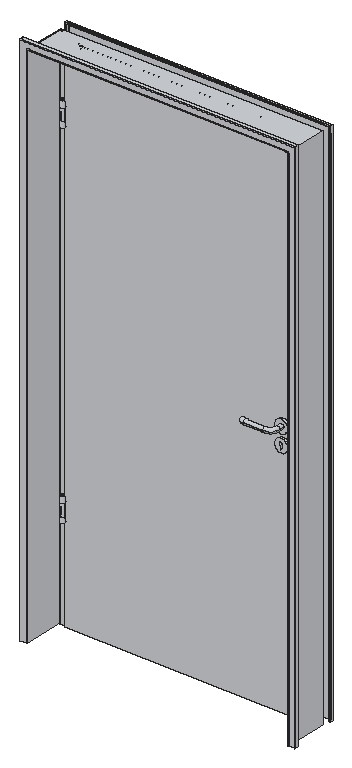
Revit family "BOS-Leibungszarge-Planar-wTUud_Familie", category Türen, Revit 2017
Family settings
  Basisbauteil = Wand
  Immer vertikal = Ja
  Beim Laden mit Abzugskörper schneiden = Nein
  Gemeinsam genutzt = Nein
  Raumberechnungspunkt = Ja
Parameters (values of type "wTUud")
  Öffnungswinkel [instance] = if(Öffnungswinkel   Aperture < Öffnungswinkel min., Öffnungswinkel min., if(Öffnungswinkel   Aperture > Öffnungswinkel max., Öffnungswinkel max., Öffnungswinkel   Aperture)) * if(DIN links   DIN Left, 1, -1)  # 0.00°
  Öffnungswinkel min. = 0.00°  # constant formula
  Öffnungswinkel max. = 90.00°  # constant formula
  Öffnungswinkel   Aperture [instance] = 0.00°
  Türblattabstand unten = 7 mm  # constant formula
  Türblattabstand oben = 4 mm  # constant formula
  Türblattabstand links-rechts = 3.5 mm  # constant formula
  Türblattabstand 3 = 4.5 mm  # constant formula
  Türblattabstand 2 = 4.5 mm  # constant formula
  Türblattabstand 1 = if(Gefälzt, 1.5 mm, -2 mm)  # 1.5 mm
  Türblattversatz  horizontal = if(Gefälzt, 11.5 mm, 6 mm)  # 11.5 mm
  Türblattaufschlag = 13 mm  # constant formula
  Sickentiefe = 10 mm  # constant formula
  RRH Rohbau_Richtmaß_Höhe   Structural Wall Opening Height Measurement [instance] = FMH Falzmaß Höhe + Einfügepunkt  # 2163 mm
  RRB Rohbau_Richtmaß_Breite   Structural Wall Opening Width Measurement [instance] = FMB Falzmaß Breite + (2 * Einfügepunkt)  # 1076 mm
  Material - Acrylfuge = none
  MW min. [instance] = 100 mm - Putzwinkel hinten  # 90 mm
  MW max. [instance] = GT max. - Putzwinkel vorne - Putzwinkel hinten  # 625 mm
  Leibungstiefe = 0 mm  # constant formula
  Drehpunktreferenz horizontal = 500 mm  # constant formula
  Drehpunktposition vertikal [instance] = (Wandstärke   Wall Thickness / 2) - (MW Maulweite   Receiving Opening + Putzwinkel hinten - Wandstärke   Wall Thickness) + Falztiefe + Falztiefe 2 + [Drehpunktabstand (SP) vertikal]  # 164 mm
  Drehpunktposition horizontal [instance] = Drehpunktreferenz horizontal + Einfügepunkt + if(DIN links   DIN Left, FMB Falzmaß Breite + [Drehpunktabstand (FM) horizontal], -[Drehpunktabstand (FM) horizontal])  # 1542 mm
  Drehpunktabstand (SP) vertikal = if(Gefälzt, 12.5 mm, 13.5 mm)  # 12.5 mm
  Drehpunktabstand (FM) horizontal = if(Gefälzt, 21 mm, 2.5 mm)  # 21 mm
  Wandstärke   Wall Thickness [instance] = 200 mm
  Stumpf = or([wTUsd (Bandrolle sichtbar)], [wTUsd (versteckt liegendes Band)])  # no
  VX Bänder [instance] = or(wTUud, [wTUsd (Bandrolle sichtbar)])  # yes
  Spiegel vorne min. = 30 mm  # constant formula
  Spiegel vorne max. = 80 mm  # constant formula
  Spiegel innen min. [instance] = if(VX Bänder, 40 mm, 45 mm)  # 40 mm
  Spiegel innen max. = 45 mm  # constant formula
  Spiegel hinten min. [instance] = Spiegel innen + Falzaufschlag gesamt + 5 mm  # 65 mm
  Spiegel hinten max. [instance] = Spiegel innen + Falzaufschlag gesamt + 5 mm  # 65 mm
  Putzwinkel vorne   Backbend Front [instance] = 15 mm  # constant formula
  Putzwinkel min. = 10 mm  # constant formula
  Putzwinkel max. = 28 mm  # constant formula
  Putzwinkel innen   Backbend Inside [instance] = 10 mm  # constant formula
  Putzwinkel innen [instance] = Putzwinkel innen   Backbend Inside  # 10 mm
  Putzwinkel hinten   Backbend Back [instance] = 10 mm  # constant formula
  Gefälzt = wTUud  # yes
  URL = "www.BestOfSteel.de/stahlzargen/sonderzargen-fuer-drehfluegeltueren/leibungszargen-planar/"
  Türblattstärke 3 = 25 mm  # constant formula
  Türblattstärke 2 = Türblattstärke - Türblattstärke 1 - Türblattstärke 3  # 25.5 mm
  Türblattstärke 1 = if(Gefälzt, 14.5 mm, 0 mm)  # 14.5 mm
  Türblattstärke = if(Einfachfalz, 65 mm, 65 mm)  # 65 mm
  Türblattversatz vertikal = if(Gefälzt, -3.5 mm, 15.5 mm)  # -3.5 mm
  Tectus Bänder [instance] = [wTUsd (versteckt liegendes Band)]  # no
  wTUud = yes
  wTUsd (versteckt liegendes Band) = no
  wTUsd (Bandrolle sichtbar) = no
  Spiegel vorne   Architrave Front [instance] = 30 mm
  Spiegel vorne [instance] = if(Spiegel vorne   Architrave Front < Spiegel vorne min., Spiegel vorne min., if(Spiegel vorne   Architrave Front > Spiegel vorne max., Spiegel vorne max., Spiegel vorne   Architrave Front))  # 30 mm
  Spiegel innen   Architrave Inside [instance] = 45 mm
  Spiegel innen [instance] = if(Spiegel innen   Architrave Inside < Spiegel innen min., Spiegel innen min., if(Spiegel innen   Architrave Inside > Spiegel innen max., Spiegel innen max., Spiegel innen   Architrave Inside))  # 45 mm
  Spiegel hinten   Architrave Back [instance] = Spiegel innen + Falzaufschlag gesamt + 5 mm  # 65 mm
  Spiegel hinten [instance] = if(Spiegel hinten   Architrave Back < Spiegel hinten min., Spiegel hinten min., if(Spiegel hinten   Architrave Back > Spiegel hinten max., Spiegel hinten max., Spiegel hinten   Architrave Back))  # 65 mm
  Rough Height = 0 mm  # constant formula
  Rough Width = 0 mm  # constant formula
  Rechtliche Hinweise [instance] = "www.BestOfSteel.de/tools-downloads/bim-building-information-modeling/"
  Putzwinkel vorne [instance] = if(Putzwinkel vorne   Backbend Front < Putzwinkel min., Putzwinkel min., if(Putzwinkel vorne   Backbend Front > Putzwinkel max., Putzwinkel max., Putzwinkel vorne   Backbend Front))  # 15 mm
  Putzwinkel hinten [instance] = if(Putzwinkel hinten   Backbend Back < Putzwinkel min., Putzwinkel min., if(Putzwinkel hinten   Backbend Back > Putzwinkel max., Putzwinkel max., Putzwinkel hinten   Backbend Back))  # 10 mm
  Profilverschiebung = 10 mm  # constant formula
  Modell = "wTUsd"
  Material - Zarge = none
  Material - Türblatt = none
  Material - Drückergarnitur = none
  Material - Dichtung = none
  Material - Bänder = none
  Material = "grundiert, feuerverzinktes Feinblech nach DIN EN 10143"
  MW Maulweite   Receiving Opening [instance] = if(Wandstärke   Wall Thickness - Putzwinkel hinten < MW min., MW min., if(Wandstärke   Wall Thickness - Putzwinkel hinten > MW max., MW max., Wandstärke   Wall Thickness - Putzwinkel hinten))  # 190 mm
  LDH Lichte Durchgangs Höhe   Clearance Height [instance] = FMH Falzmaß Höhe - Falzaufschlag gesamt  # 2093 mm
  LDB Lichte Durchgangs Breite   Clearance Width [instance] = FMB Falzmaß Breite - 2 * (Falzaufschlag gesamt)  # 936 mm
  Information in English = no
  Height [instance] = RRH Rohbau_Richtmaß_Höhe   Structural Wall Opening Height Measurement  # 2163 mm
  Hersteller = "BOS GmbH Best Of Steel, Lütkenfelde 4, D-48282 Emsdetten"
  GT min. [instance] = MW min. + Putzwinkel vorne + Putzwinkel hinten  # 115 mm
  GT max. = 650 mm  # constant formula
  GT Gesamttiefe_Zarge   Total Profile Depth [instance] = MW Maulweite   Receiving Opening + Putzwinkel vorne + Putzwinkel hinten  # 215 mm
  MW Fehler [instance] = not(Wandstärke   Wall Thickness = MW Maulweite   Receiving Opening + Putzwinkel hinten)  # no
  Funktion = Innen
  Falztiefe gesamt = Falztiefe + if(Einfachfalz, 0 mm, Falztiefe 2)  # 28.5 mm
  Falztiefe 2 = 23 mm  # constant formula
  Falztiefe = Türblattstärke 2 - Türblattabstand 1 + Türblattabstand 2  # 28.5 mm
  Falzaufschlag gesamt = Falzaufschlag * if(Einfachfalz, 1, 2)  # 15 mm
  Falzaufschlag = 15 mm  # constant formula
  FMH min. = 1608 mm  # constant formula
  FMH max. = 2858 mm  # constant formula
  FMH Falzmaß_Höhe   Rebate Height Measurement [instance] = 2108 mm
  FMH Falzmaß Höhe [instance] = if(FMH Falzmaß_Höhe   Rebate Height Measurement < FMH min., FMH min., if(FMH Falzmaß_Höhe   Rebate Height Measurement > FMH max., FMH max., FMH Falzmaß_Höhe   Rebate Height Measurement))  # 2108 mm
  FMB min. = 591 mm  # constant formula
  FMB max. = 1341 mm  # constant formula
  FMB Falzmaß_Breite   Rebate Width Measurement [instance] = 966 mm
  FMB Falzmaß Breite [instance] = if(FMB Falzmaß_Breite   Rebate Width Measurement < FMB min., FMB min., if(FMB Falzmaß_Breite   Rebate Width Measurement > FMB max., FMB max., FMB Falzmaß_Breite   Rebate Width Measurement))  # 966 mm
  Einfügepunkt [instance] = Profilverschiebung + Spiegel innen  # 55 mm
  Einfachfalz = or(wTUud, or([wTUsd (Bandrolle sichtbar)], [wTUsd (versteckt liegendes Band)]))  # yes
  Drückerhöhe   Handle Height [instance] = 1050 mm
  Drückerhöhe [instance] = if(Drückerhöhe   Handle Height < 850 mm, 850 mm, if(Drückerhöhe   Handle Height > 1050 mm, 1050 mm, Drückerhöhe   Handle Height))  # 1050 mm
  Drückergarnitur [instance] = 1 < 2  # yes
  Drehpunktreferenz vertikal [instance] = Wandstärke   Wall Thickness  # 200 mm
  Drehpunkt Warnung sichtbar = yes
  Drehpunkt Warnung [instance] = and(Drehpunkt Warnung sichtbar, not(Öffnungswinkel = 0.00°))  # no
  Doppelfalz = 1 > 2  # no
  Dicke = 0 mm  # constant formula
  Dichtungsversatz vertikal 1 [instance] = MW Maulweite   Receiving Opening + Putzwinkel hinten - Falztiefe 2 + Sickentiefe  # 187 mm
  Dichtungsversatz horizontal 1 [instance] = 0 mm  # constant formula
  Dichtung 1 = or(Einfachfalz, Doppelfalz)  # yes
  DIN rechts   DIN Right [instance] = not(DIN links   DIN Left)  # no
  DIN links oder rechts [instance] = if(DIN links   DIN Left, "DIN links", "DIN rechts")  # "DIN links"
  DIN links   DIN Left [instance] = yes
  Bänder - Auswahl [instance] = if(wTUud, "3D Bänder gefälzt, Bandaufnahmen BVX11000", if([wTUsd (Bandrolle sichtbar)], "3D Bänder stumpf, Bandaufnahmen BVX11000", "Tectus 3D Bänder, Bandaufnahmenn für Tectus Bänder"))  # "3D Bänder gefälzt, Bandaufnahmen BVX11000"
  Width = 0 mm  # constant formula
  Beschreibung = "2-schalige Leibungszarge Planar Variante 1, gefälzt"
  Bauelement = "BOS Stahlzarge"
  BOS-Architekten-Beratung = "Tel.: +49 (0) 2572 203-203; E-Mail: architekten@BestOfSteel.de"
  BE max. = 100 mm  # constant formula
  BE Bodeneinstand   Foundation Bedding [instance] = 0 mm
  BE Bodeneinstand [instance] = if(BE Bodeneinstand   Foundation Bedding < 0 mm, 0 mm, if(BE Bodeneinstand   Foundation Bedding > BE max., BE max., BE Bodeneinstand   Foundation Bedding))  # 0 mm
  BBL1 Bandbezugslinie   Hinge Position 1 = 241 mm  # constant formula
  BA Bandabstand   Distance Between Hinges [instance] = if(FMH Falzmaß Höhe < 1546 mm, 935 mm, if(FMH Falzmaß Höhe < 1671 mm, 1060 mm, if(FMH Falzmaß Höhe < 1796 mm, 1185 mm, if(FMH Falzmaß Höhe < 1921 mm, 1310 mm, if(FMH Falzmaß Höhe < 2171 mm, 1435 mm, if(FMH Falzmaß Höhe < 2296 mm, 1685 mm, if(FMH Falzmaß Höhe < 2421 mm, 1810 mm, if(FMH Falzmaß Höhe < 2546 mm, 1935 mm, if(FMH Falzmaß Höhe < 2671 mm, 2060 mm, if(FMH Falzmaß Höhe < 2796 mm, 2185 mm, 2310 mm))))))))))  # 1435 mm
  Technische Infos rund um die Stahlzarge = "www.BestOfSteel.de/tools-downloads/technische-infos-rund-um-die-stahlzarge/"
  Info-Texte sichtbar = yes
Reference planes
  plane 1 "Wand": y = 0
  plane 2 "Mitte (Links/rechts)": x = 125
  plane 3 "Hinten": y = 100
  plane 4 "Vorne": y = -100
  plane 5 "RRB links": x = -413
  plane 6 "RRB rechts": x = 663
  plane 7 "RRH oben": z = 2163
  plane 8 "BBL1": z = 1867
  plane 9 "Drückerhöhe": z = 1050
  plane 10 "BBL2": z = 432
  plane 11 "BE": z = 0
  plane 12 "FMH oben": z = 2108
  plane 13 "BE max.": z = -100
  plane 14 "FMB links": x = -358
  plane 15 "FMB rechts": x = 608
  plane 16 "Drehpunktreferenz horizontal": x = 1163
  plane 17 "Drehpunktreferenz vertikal": y = 200
  plane 18 "Drehpunkt vertikal": y = 36
  plane 19 "Drehpunkt horizontal": x = -379
Forms (mm)
  Sweep 1, solid, material <- "Material - Zarge", detail levels medium+fine
    path origin (0, -100, 0) x (-1, 0, 0) y (0, 0, 1)
      loop
        line (413, 0) -> (413, 2163) -> (-663, 2163) -> (-663, 0)
    profile "BOS-(w)TUud-(w)TUsd_Profil : BOS-(w)TUud-(w)TUsd_Profil" origin (-413, -100, 1081.5) x (1, 0, 0) y (0, 1, 0)
      loop
        arc (10, 151) -> (10.732, 149.232) -> (12.5, 148.5) r 2.5
        line (12.5, 148.5) -> (52.5, 148.5)
        arc (52.5, 148.5) -> (54.268, 149.232) -> (55, 151) r 2.5
        line (55, 151) -> (55, 186)
        arc (55, 186) -> (55.293, 186.707) -> (56, 187) r 1
        line (56, 187) -> (64, 187)
        arc (64, 187) -> (65.154, 186.458) -> (65.475, 185.225) r 1.5
        line (65.475, 185.225) -> (64.547, 180.255)
        arc (64.547, 180.255) -> (66.996, 177.012) -> (70, 179.75) r 2.75
        line (70, 179.75) -> (70, 197.5)
        arc (70, 197.5) -> (69.268, 199.268) -> (67.5, 200) r 2.5
        line (67.5, 200) -> (7.5, 200)
        arc (7.5, 200) -> (5.732, 199.268) -> (5, 197.5) r 2.5
        line (5, 197.5) -> (5, 190) -> (6.5, 190) -> (6.5, 197.5)
        arc (6.5, 197.5) -> (6.793, 198.207) -> (7.5, 198.5) r 1
        line (7.5, 198.5) -> (67.5, 198.5)
        arc (67.5, 198.5) -> (68.207, 198.207) -> (68.5, 197.5) r 1
        line (68.5, 197.5) -> (68.5, 179.75)
        arc (68.5, 179.75) -> (67.135, 178.505) -> (66.021, 179.979) r 1.25
        line (66.021, 179.979) -> (66.949, 184.949)
        arc (66.949, 184.949) -> (66.308, 187.417) -> (64, 188.5) r 3
        line (64, 188.5) -> (56, 188.5)
        arc (56, 188.5) -> (54.232, 187.768) -> (53.5, 186) r 2.5
        line (53.5, 186) -> (53.5, 151)
        arc (53.5, 151) -> (53.207, 150.293) -> (52.5, 150) r 1
        line (52.5, 150) -> (12.5, 150)
        arc (12.5, 150) -> (11.793, 150.293) -> (11.5, 151) r 1
        line (11.5, 151) -> (11.5, 158.5) -> (8.5, 158.5) -> (8.5, -12.5)
        arc (8.5, -12.5) -> (8.207, -13.207) -> (7.5, -13.5) r 1
        line (7.5, -13.5) -> (-17.5, -13.5)
        arc (-17.5, -13.5) -> (-18.207, -13.207) -> (-18.5, -12.5) r 1
        line (-18.5, -12.5) -> (-18.5, 0) -> (-20, 0) -> (-20, -12.5)
        arc (-20, -12.5) -> (-19.268, -14.268) -> (-17.5, -15) r 2.5
        line (-17.5, -15) -> (7.5, -15)
        arc (7.5, -15) -> (9.268, -14.268) -> (10, -12.5) r 2.5
        line (10, -12.5) -> (10, 151)
  Sweep 2, solid, material <- "Material - Dichtung", visible <- "Dichtung 1", detail levels medium+fine
    path origin (0, -100, 0) x (-1, 0, 0) y (0, 0, 1)
      loop
        line (358, 0) -> (358, 2108) -> (-608, 2108) -> (-608, 0)
    profile "BOS-Dichtung_Profil : BOS-Dichtung_Profil" origin (-358, -100, 1054) x (1, 0, 0) y (0, 1, 0)
      loop
        arc (2.601, 185.763) -> (2.248, 185.616) -> (2.102, 185.263) r 0.5
        line (2.102, 185.263) -> (2.102, 181.134)
        arc (2.102, 181.134) -> (2.243, 180.754) -> (2.599, 180.557) r 0.584
        line (2.599, 180.557) -> (7.702, 179.78)
        arc (7.702, 179.78) -> (8.08, 179.892) -> (8.234, 180.254) r 0.462
        line (8.234, 180.254) -> (8.069, 184.492)
        arc (8.069, 184.492) -> (7.918, 184.903) -> (7.556, 185.15) r 0.716
        arc (7.556, 185.15) -> (5.104, 185.66) -> (2.601, 185.763) r 15.257
      loop
        arc (2.671, 179.457) -> (2.274, 179.338) -> (2.102, 178.96) r 0.501
        line (2.102, 178.96) -> (2.102, 176.065)
        arc (2.102, 176.065) -> (2.227, 175.651) -> (2.561, 175.374) r 0.75
        line (2.561, 175.374) -> (9.159, 173.5)
        arc (9.159, 173.5) -> (9.738, 173.426) -> (10.314, 173.526) r 1.962
        arc (10.314, 173.526) -> (11.596, 174.254) -> (12.503, 175.416) r 3.79
        arc (12.503, 175.416) -> (12.466, 175.789) -> (12.114, 175.916) r 0.351
        arc (12.114, 175.916) -> (9.731, 176.318) -> (8.301, 178.267) r 3.215
        arc (8.301, 178.267) -> (8.101, 178.597) -> (7.751, 178.759) r 0.66
        line (7.751, 178.759) -> (2.671, 179.457)
      loop
        arc (9.885, 185.192) -> (6.361, 186.549) -> (2.611, 187) r 15.273
        arc (2.611, 187) -> (1.229, 186.741) -> (0, 186.058) r 4.388
        arc (0, 186.058) -> (-0.126, 185.698) -> (0.203, 185.505) r 0.3
        line (0.203, 185.505) -> (1.052, 185.679) -> (1.052, 180.712) -> (0.253, 180.089)
        arc (0.253, 180.089) -> (0.158, 179.698) -> (0.517, 179.517) r 0.324
        arc (0.517, 179.517) -> (0.888, 179.425) -> (1.052, 179.08) r 0.446
        line (1.052, 179.08) -> (1.052, 175.838) -> (0.255, 175.075)
        arc (0.255, 175.075) -> (0.205, 174.709) -> (0.55, 174.577) r 0.297
        arc (0.55, 174.577) -> (1.217, 174.694) -> (1.892, 174.637) r 2.63
        line (1.892, 174.637) -> (9.198, 172.549)
        arc (9.198, 172.549) -> (9.621, 172.508) -> (10.045, 172.524) r 3.219
        arc (10.045, 172.524) -> (12.714, 174.031) -> (14.033, 176.798) r 5.088
        arc (14.033, 176.798) -> (13.874, 177.208) -> (13.442, 177.288) r 0.451
        line (13.442, 177.288) -> (12.151, 176.852)
        arc (12.151, 176.852) -> (10.406, 177.22) -> (9.336, 178.647) r 2.533
        line (9.336, 178.647) -> (9.088, 184.069)
        arc (9.088, 184.069) -> (9.253, 184.464) -> (9.663, 184.587) r 0.501
        arc (9.663, 184.587) -> (10.021, 184.799) -> (9.885, 185.192) r 0.329
  Sweep 3, solid, material <- "Material - Acrylfuge", detail levels fine
    path origin (0, -100, 0) x (-1, 0, 0) y (0, 0, 1)
      loop
        line (413, 0) -> (413, 2163) -> (-663, 2163) -> (-663, 0)
    profile origin (-413, -100, 1081.5) x (1, 0, 0) y (0, 1, 0)
      loop
        arc (0, 190) -> (2.5, 189.761) -> (5, 190) r 13.205
        line (5, 190) -> (5, 197.5)
        arc (5, 197.5) -> (5.146, 198.341) -> (5.566, 199.084) r 2.5
        arc (5.566, 199.084) -> (2.741, 199.287) -> (0, 200) r 15.539
        line (0, 200) -> (0, 190)
Lines and regions (mm)
  Opening 1
    outline origin (-5000, -100, 0) x (1, 0, 0) y (0, 0, 1)
      loop
        line (4587, 2163) -> (4587, 0) -> (5663, 0) -> (5663, 2163) -> (4587, 2163)
  reference lines
    curve 1: line (75, 650, 0) -> (195, 650, 0)
    curve 2: line (65, -650, 0) -> (185, -650, 0)
    curve 3: line (65, -350, 0) -> (185, -350, 0)
    curve 4: line (-379, 36, 0) -> (121, 36, 0)
  symbolic lines, style "DoorsHiddenLines", visible <- "DIN links   DIN Left"
    curve 5: arc (663, 36, 0) -> (347.847, -724.847, 0) -> (-413, -1040, 0) r 1076
  symbolic lines, style "DoorsHiddenLines", visible <- "DIN rechts   DIN Right"
    curve 6: arc (-413, 36, 0) -> (-97.847, -724.847, 0) -> (663, -1040, 0) r 1076
  symbolic lines, style "Doors", visible <- "DIN links   DIN Left"
    curve 7: line (-413, 36, 0) -> (-413, -1040, 0)
  symbolic lines, style "Doors", visible <- "DIN rechts   DIN Right"
    curve 8: line (663, 36, 0) -> (663, -1040, 0)
Text (mm)
  text "Außen     " at (-1696.17, 830.944, 0), in view "Ref.-Ebene"
  text "Außen" at (0, 1409.804, 2854.306), in view "Links"
  text "Placement side" at (0, 499.811, 2980.732), in view "Rechts"
Dimensions and locks
  locked: plane 3 "Hinten" to host wall
  locked: host wall to plane 4 "Vorne" at 0
  level to plane 7 "RRH oben" = 2163 mm
  equal spacing: plane 5 "RRB links", plane 2 "Mitte (Links/rechts)", plane 6 "RRB rechts"
  "RRB Rohbau_Richtmaß_Breite   Structural Wall Opening Width Measurement": plane 5 "RRB links" to plane 6 "RRB rechts"
  "Drückerhöhe": level to plane 9 "Drückerhöhe"
  "BE Bodeneinstand": plane 11 "BE" to level
  "Wandstärke   Wall Thickness": host wall to host wall
  "BBL1 Bandbezugslinie   Hinge Position 1": plane 12 "FMH oben" to plane 8 "BBL1"
  "BA Bandabstand   Distance Between Hinges": plane 8 "BBL1" to plane 10 "BBL2"
  "FMH Falzmaß Höhe": plane 12 "FMH oben" to level
  "RRH Rohbau_Richtmaß_Höhe   Structural Wall Opening Height Measurement": plane 7 "RRH oben" to level
  "BE max.": level to plane 13 "BE max."
  equal spacing: plane 14 "FMB links", plane 2 "Mitte (Links/rechts)", plane 15 "FMB rechts"
  "FMB Falzmaß Breite": plane 14 "FMB links" to plane 15 "FMB rechts"
  curve 2 to curve 3 to plane 4 "Vorne" to plane 3 "Hinten" to curve 1 = 300 mm, 250 mm, 200 mm, 550 mm
  "Drehpunktreferenz horizontal": plane 6 "RRB rechts" to plane 16 "Drehpunktreferenz horizontal"
  "Drehpunktposition horizontal": plane 19 "Drehpunkt horizontal" to plane 16 "Drehpunktreferenz horizontal"
  "Drehpunktreferenz vertikal": plane 1 "Wand" to plane 17 "Drehpunktreferenz vertikal"
  "Drehpunktposition vertikal": plane 18 "Drehpunkt vertikal" to plane 17 "Drehpunktreferenz vertikal"
  "Öffnungswinkel": angle curve 4 to plane 18 "Drehpunkt vertikal"
  aligned and locked: plane 1 "Wand" to host wall
  aligned and locked: plane 6 "RRB rechts" to nested 1
  aligned and locked: plane 9 "Drückerhöhe" to nested 1
  aligned and locked: plane 14 "FMB links" to Sweep 2 sketch curve
  aligned and locked: Sweep 2 sketch curve to plane 15 "FMB rechts"
  aligned and locked: Sweep 2 sketch curve to plane 12 "FMH oben"
  aligned and locked: plane 2 "Mitte (Links/rechts)" to nested 3
  aligned and locked: curve 2 to nested 3
  aligned and locked: curve 1 to nested 4
  aligned and locked: plane 2 "Mitte (Links/rechts)" to nested 4
  aligned and locked: nested 6 to plane 16 "Drehpunktreferenz horizontal"
  aligned and locked: plane 1 "Wand" to nested 6
  aligned and locked: curve 3 to nested 5
  aligned and locked: plane 2 "Mitte (Links/rechts)" to nested 5
  aligned and locked: plane 8 "BBL1" to nested 9
  aligned and locked: nested 8 to plane 10 "BBL2"
  aligned and locked: nested 8 to plane 19 "Drehpunkt horizontal"
  aligned and locked: nested 9 to plane 19 "Drehpunkt horizontal"
  aligned and locked: nested 8 to plane 18 "Drehpunkt vertikal"
  aligned and locked: nested 9 to plane 18 "Drehpunkt vertikal"
  aligned and locked: level to Opening 1 sketch curve
  aligned and locked: plane 5 "RRB links" to Opening 1 sketch curve
  aligned and locked: Opening 1 sketch curve to plane 7 "RRH oben"
  aligned and locked: Opening 1 sketch curve to plane 6 "RRB rechts"
  aligned and locked: plane 5 "RRB links" to nested 10
  aligned and locked: nested 10 to plane 4 "Vorne"
  aligned and locked: nested 2 to nested 10  (x2)
  aligned and locked: plane 6 "RRB rechts" to nested 11
  aligned and locked: plane 4 "Vorne" to nested 11
  aligned and locked: plane 5 "RRB links" to Sweep 3 sketch curve
  aligned and locked: Sweep 3 sketch curve to plane 7 "RRH oben"
  aligned and locked: Sweep 3 sketch curve to plane 6 "RRB rechts"
  aligned and locked: level to Sweep 3 sketch curve  (x2)
  aligned and locked: Sweep 3 sketch curve to nested 10  (x4)
  aligned and locked: nested 1 to nested 11
  aligned and locked: plane 18 "Drehpunkt vertikal" to curve 4
  aligned and locked: plane 19 "Drehpunkt horizontal" to curve 4
Automatic sketch dimensions
  Sweep 1 sketch curve to plane 6 "RRB rechts" = 0 mm
  Sweep 1 sketch curve to plane 5 "RRB links" = 0 mm
  Sweep 1 sketch curve to plane 11 "BE" = 0 mm  (x2)
  Sweep 1 sketch curve to plane 7 "RRH oben" = 0 mm
  Sweep 2 sketch curve to level = 0 mm  (x2)
  curve 5 to plane 6 "RRB rechts" = 0 mm
  curve 6 to plane 5 "RRB links" = 0 mm
  curve 7 to plane 18 "Drehpunkt vertikal" = 0 mm
  curve 8 to plane 6 "RRB rechts" = 0 mm
  curve 8 to plane 18 "Drehpunkt vertikal" = 0 mm
  curve 6 to plane 18 "Drehpunkt vertikal" = 0 mm
  curve 5 to plane 18 "Drehpunkt vertikal" = 0 mm
  curve 5 to plane 5 "RRB links" = 0 mm
  curve 2 to plane 2 "Mitte (Links/rechts)" = 60 mm
  curve 3 to plane 2 "Mitte (Links/rechts)" = 60 mm
  curve 1 to plane 2 "Mitte (Links/rechts)" = 50 mm
  plane 2 "Mitte (Links/rechts)" to curve 3 = 60 mm
  plane 2 "Mitte (Links/rechts)" to curve 2 = 60 mm
  plane 2 "Mitte (Links/rechts)" to curve 1 = 70 mm
Nested families
  nested 1: "BOS-BOS_Modell" at (663, 58.5, 1050), type "BOS-BOS_Modell", not visible
    with Abstand 55 mm
  nested 2: "BOS-Logo_Modell" at (-399.5, 66.701, 0), type "BOS-Logo_Modell", detail levels fine
  nested 3: "BOS-Info-Texte_Beschriftung" at (125, -650.955, 0), visible <- "Info-Texte sichtbar", type "Rechtliche Hinweise"
  nested 4: "BOS-Info-Texte_Beschriftung" at (125, 649.045, 0), visible <- "Info-Texte sichtbar", type "Technische Hinweise"
  nested 5: "BOS-Info-Texte_Beschriftung" at (125, -350.955, 0), visible <- "Drehpunkt Warnung", type "Drehpunkt Warnung"
  nested 6: "BOS-Info-Texte_Beschriftung" at (1163, -0.955, 0), visible <- "MW Fehler", type "Maulweite Fehlermeldung"
  nested 7: "BOS-Türblatt_Modell" at (125, 39.5, 0), type "BOS-Türblatt_Modell"
    with Glastürdrücker DIN rechts no, Glastürdrücker DIN links no, Drückergarnitur DIN rechts no, Drückergarnitur DIN links yes, Türblattstärke 3 25 mm, Türblattstärke 65 mm, Drehpunktabstand vertikal 126.5 mm
  nested 8: "BOS-Band-VX_Modell" at (-379, 36, 432), visible <- "VX Bänder", type "BOS-Band-VX_Modell", detail levels fine
  nested 9: "BOS-Band-VX_Modell" at (-379, 36, 1867), visible <- "VX Bänder", type "BOS-Band-VX_Modell", detail levels fine
  nested 10: "BOS-Flachstahlanker-2-schalige-Leibungszarge-(Planar-V1-V2)_Detail" at (-420.5, 42.5, 0), type "BOS-Flachstahlanker-2-schalige-Leibungszarge-(Planar-V1-V2)_Detail", detail levels fine
    with Überstand hinten 0 mm, Unterstand hinten 10 mm, Spiegel innen 45 mm, MW Maulweite 190 mm, Putzwinkel hinten 10 mm, Leibungszarge Planar yes, Leibungszarge no, Leibungstiefe 0 mm, Falztiefe gesamt 28.5 mm, Ankerreferenz vertikal 2 41.5 mm, Ankerreferenz vertikal 1 25 mm, Ankerreferenz horizontal 45 mm
  nested 11: "BOS-Flachstahlanker-2-schalige-Leibungszarge-(Planar-V1-V2)_Detail" at (670.5, 42.5, 0) x (-1, 0, 0) z (0, 0, 1), type "BOS-Flachstahlanker-2-schalige-Leibungszarge-(Planar-V1-V2)_Detail", detail levels fine
    with Überstand hinten 0 mm, Unterstand hinten 10 mm, Spiegel innen 45 mm, MW Maulweite 190 mm, Putzwinkel hinten 10 mm, Leibungszarge Planar yes, Leibungszarge no, Leibungstiefe 0 mm, Falztiefe gesamt 28.5 mm, Ankerreferenz vertikal 2 41.5 mm, Ankerreferenz vertikal 1 25 mm, Ankerreferenz horizontal 45 mm
Definition of nested family "BOS-Türblatt_Modell"
  Parameters (values of type "BOS-Türblatt_Modell")
    Default Elevation = 1219.2 mm
    URL = "www.BestOfSteel.de"
    Türblattversatz vertikal = -3.5 mm
    Türblattversatz horizontal = 11.5 mm
    Technische Infos rund um die Stahlzarge = "www.BestOfSteel.de/tools-downloads/technische-infos-rund-um-die-stahlzarge/"
    Türblattaufschlag = 13 mm
    Türblattstärke 3 = 0 mm
    Türblattstärke 2 = 25.5 mm
    Türblattstärke 1 = 14.5 mm
    Türblattstärke = 40 mm
    Türblattabstand oben = 4 mm
    Türblattabstand unten = 7 mm
    Türblattabstand links-rechts = 3.5 mm
    TAH3 Türblatt Außenmaß Höhe 3 = FMH Zargen Falzmaß Höhe - Falzaufschlag - Türblattabstand oben - Türblattabstand unten  # 2082 mm
    TAH2 Türblatt Außenmaß Höhe 2 = FMH Zargen Falzmaß Höhe - Türblattabstand oben - Türblattabstand unten  # 2097 mm
    TAH Türblatt Außenmaß Höhe = FMH Zargen Falzmaß Höhe + if(Gefälzt, Türblattaufschlag, 0 mm) - Türblattabstand oben - Türblattabstand unten  # 2110 mm
    Stumpf = no
    Rechtliche Hinweise = "www.BestOfSteel.de/tools-downloads/bim-building-information-modeling/"
    Material - Türblatt = none
    Material - Drückergarnitur = none
    Glastürtdrücker = no
    Glastürdrücker DIN rechts [instance] = and(Glastürtdrücker, DIN rechts)  # no
    Glastürdrücker DIN links [instance] = and(Glastürtdrücker, DIN links)  # no
    Gefälzt = yes
    FMH Zargen Falzmaß Höhe = 2108 mm
    FMB Zargen Falzmaß Breite = 966 mm
    Einfachfalz = yes
    Drückerhöhe = 1050 mm
    Drückergarnitur = yes
    Drückerabstand = 100 mm
    Drehpunktabstand vertikal = (2 * Türblattstärke) + Türblattversatz vertikal  # 76.5 mm
    Drehpunktabstand horizontal = (TAB Türblatt Außenmass Breite / 2) + if(DIN links, -Türblattversatz horizontal, TAB Türblatt Außenmass Breite + Türblattversatz horizontal)  # 481 mm
    Doppelfalz = no
    Drückergarnitur DIN rechts [instance] = and(Drückergarnitur, DIN rechts)  # no
    Drückergarnitur DIN links [instance] = and(Drückergarnitur, DIN links)  # yes
    DIN rechts = no
    DIN links = yes
    Description = "Holz- oder Glastürblatt, mit Drücker, gefälzt oder stumpf"
    Keynote = "BOS Türblatt"
    TAB3 Türblatt Außenmass Breite Türblatt 3 = FMB Zargen Falzmaß Breite - 2 * (Falzaufschlag + [Türblattabstand links-rechts])  # 929 mm
    TAB Türblatt Außenmass Breite = FMB Zargen Falzmaß Breite + 2 * (if(Gefälzt, Türblattaufschlag, 0 mm) - [Türblattabstand links-rechts])  # 985 mm
    TAB2 Türblatt Außenmass Breite Türblatt 2 = FMB Zargen Falzmaß Breite - 2 * ([Türblattabstand links-rechts])  # 959 mm
    Falzaufschlag = 15 mm
    BOS-Architekten-Beratung = "Tel.: +49 (0) 2572 203-203; E-Mail: architekten@BestOfSteel.de"
  Reference planes
    plane 1: y = -7
    plane 2: z = 0
    plane 3: x = 0
    plane 4: z = 7
    plane 5: z = 2117
    plane 6: x = -492.5
    plane 7: x = 492.5
    plane 8: x = -479.5
    plane 9: x = 479.5
    plane 10: x = 464.5
    plane 11: x = -464.5
    plane 12: y = 7.5
    plane 13: y = 33
    plane 14: y = 33
    plane 15: z = 2104
    plane 16: z = 2089
    plane 17: x = -392.5
    plane 18: x = 392.5
    plane 19: y = 73
    plane 20: z = 1050
    plane 21: x = -502.5
    plane 22: x = 502.5
    plane 23: z = 2127
    plane 24: x = -985
    plane 25: x = -504
    plane 26: y = -3.5
  Forms (mm)
    Extrusion 1, solid, material <- "Material - Türblatt", detail levels medium+fine
      sketch origin (0, 0, 0) x (1, 0, 0) y (0, 1, 0)
        loop
          line (-492.5, 33) -> (-492.5, -7) -> (492.5, -7) -> (492.5, 33) -> (-492.5, 33)
      from 7 to 2117
    Extrusion 2, void
      sketch origin (0, 0, 0) x (1, 0, 0) y (0, 1, 0)
        loop
          line (-502.5, 73) -> (-502.5, 7.5) -> (-479.5, 7.5) -> (-479.5, 33) -> (-464.5, 33) -> (-464.5, 73) -> (-502.5, 73)
        loop
          line (464.5, 73) -> (464.5, 33) -> (479.5, 33) -> (479.5, 7.5) -> (502.5, 7.5) -> (502.5, 73) -> (464.5, 73)
      from 7 to 2117
    Extrusion 3, void
      sketch origin (0, 0, 0) x (0, 1, 0) y (0, 0, 1)
        loop
          line (73, 2127) -> (7.5, 2127) -> (7.5, 2104) -> (33, 2104) -> (33, 2089) -> (73, 2089) -> (73, 2127)
      from -492.5 to 492.5
  Cuts and joins
    Extrusion 2, Extrusion 3 cuts Extrusion 1
  Dimensions and locks
    "Türblattabstand unten": plane 4 to plane 2
    equal spacing: plane 6, plane 3, plane 7
    "TAB Türblatt Außenmass Breite": plane 6 to plane 7
    equal spacing: plane 8, plane 3, plane 9
    "TAB2 Türblatt Außenmass Breite Türblatt 2": plane 8 to plane 9
    equal spacing: plane 11, plane 3, plane 10
    "TAB3 Türblatt Außenmass Breite Türblatt 3": plane 11 to plane 10
    "Türblattstärke 1": plane 1 to plane 12
    "Türblattstärke 2": plane 13 to plane 12
    "Türblattstärke 3": plane 14 to plane 13
    "TAH Türblatt Außenmaß Höhe": plane 5 to plane 4
    "TAH2 Türblatt Außenmaß Höhe 2": plane 15 to plane 4
    "TAH3 Türblatt Außenmaß Höhe 3": plane 16 to plane 4
    "Drückerabstand": plane 6 to plane 17
    "Drückerabstand": plane 18 to plane 7
    "Türblattstärke": plane 19 to plane 14
    "Drückerhöhe": plane 20 to plane 2
    plane 21 to plane 6 = 10 mm
    plane 7 to plane 22 = 10 mm
    plane 23 to plane 5 = 10 mm
    "Drehpunktabstand horizontal": plane 24 to plane 25
    "TAB Türblatt Außenmass Breite": plane 24 to plane 3
    "Drehpunktabstand vertikal": plane 19 to plane 26
    aligned and locked: level to plane 2
    aligned and locked: Extrusion 1 sketch curve to plane 1
    aligned and locked: Extrusion 1 sketch curve to plane 6
    aligned and locked: Extrusion 1 sketch curve to plane 14
    aligned and locked: Extrusion 1 sketch curve to plane 7
    aligned and locked: Extrusion 1 to plane 4
    aligned and locked: plane 5 to Extrusion 1
    aligned and locked: plane 19 to Extrusion 2 sketch curve
    aligned and locked: plane 11 to Extrusion 2 sketch curve
    aligned and locked: plane 13 to Extrusion 2 sketch curve  (x2)
    aligned and locked: plane 8 to Extrusion 2 sketch curve
    aligned and locked: Extrusion 2 sketch curve to plane 12
    aligned and locked: plane 10 to Extrusion 2 sketch curve
    aligned and locked: plane 9 to Extrusion 2 sketch curve
    aligned and locked: plane 12 to Extrusion 2 sketch curve
    aligned and locked: Extrusion 2 sketch curve to plane 19
    aligned and locked: Extrusion 2 to plane 4
    aligned and locked: plane 5 to Extrusion 2
    aligned and locked: Extrusion 3 sketch curve to plane 12
    aligned and locked: plane 19 to Extrusion 3 sketch curve
    aligned and locked: Extrusion 3 sketch curve to plane 16
    aligned and locked: Extrusion 3 sketch curve to plane 15
    aligned and locked: Extrusion 3 sketch curve to plane 13
    aligned and locked: plane 7 to Extrusion 3
    aligned and locked: Extrusion 3 to plane 6
    aligned and locked: plane 22 to Extrusion 2 sketch curve
    aligned and locked: Extrusion 2 sketch curve to plane 21
    aligned and locked: plane 23 to Extrusion 3 sketch curve
    aligned and locked: nested 1 to plane 20
    aligned and locked: plane 20 to nested 3
    aligned and locked: plane 20 to nested 2
    aligned and locked: nested 4 to plane 20
    aligned and locked: nested 1 to plane 17
    aligned and locked: nested 3 to plane 17
    aligned and locked: nested 2 to plane 18
    aligned and locked: nested 4 to plane 18
    aligned and locked: plane 1 to nested 1
    aligned and locked: nested 3 to plane 14
    aligned and locked: plane 14 to nested 4
    aligned and locked: nested 2 to plane 1
  Nested families
    nested 1: "BOS-Drückergarnitur_Modell" at (-392.5, -7, 1050), visible <- "Drückergarnitur DIN rechts", type "BOS-Drückergarnitur_Modell", detail levels fine
    nested 2: "BOS-Drückergarnitur_Modell" at (392.5, -7, 1050) x (-1, 0, 0) z (0, 0, 1), visible <- "Drückergarnitur DIN links", type "BOS-Drückergarnitur_Modell", detail levels fine
    nested 3: "BOS-Drückergarnitur_Modell" at (-392.5, 33, 1050), visible <- "Drückergarnitur DIN rechts", type "BOS-Drückergarnitur_Modell", detail levels fine
    nested 4: "BOS-Drückergarnitur_Modell" at (392.5, 33, 1050) x (-1, 0, 0) z (0, 0, 1), visible <- "Drückergarnitur DIN links", type "BOS-Drückergarnitur_Modell", detail levels fine
  Definition of nested family "BOS-Drückergarnitur_Modell"
    Parameters (values of type "BOS-Drückergarnitur_Modell")
      URL = "www.BestOfSteel.de"
      Rechtliche Hinweise = "www.BestOfSteel.de/tools-downloads/bim-building-information-modeling/"
      Material - Drückergarnitur = none
      Description = "Drücker und Rosette"
      Keynote = "BOS Drückergarnitur"
      BOS-Architekten-Beratung = "Tel.: +49 (0) 2572 203-203; E-Mail: architekten@BestOfSteel.de"
      Technische Infos rund um die Stahlzarge = "www.BestOfSteel.de/tools-downloads/technische-infos-rund-um-die-stahlzarge/"
    Reference planes
      plane 1: y = 0
      plane 2: z = 0
      plane 3: x = 0
    Forms (mm)
      Sweep 1, solid, material <- "Material - Drückergarnitur"
        path origin (0, 0, 0) x (1, 0, 0) y (0, 1, 0)
          loop
            line (0, 0) -> (0, -10)
        profile origin (0, -5, 0) x (1, 0, 0) y (0, 0, 1)
          loop
            circle (0, 0) r 26
      Sweep 2, solid, material <- "Material - Drückergarnitur"
        path origin (0, 0, 0) x (1, 0, 0) y (0, 1, 0)
          loop
            line (0, -10) -> (0, -30.336)
            arc (0, -30.336) -> (8.201, -50.135) -> (28, -58.336) r 28
            line (28, -58.336) -> (108.063, -58.336)
            arc (108.063, -58.336) -> (116.614, -56.829) -> (124.133, -52.487) r 25
        profile origin (0, -20.168, 0) x (1, 0, 0) y (0, 0, 1)
          loop
            circle (0, 0) r 9
      Sweep 3, solid, material <- "Material - Drückergarnitur"
        path origin (0, 0, -70) x (1, 0, 0) y (0, 1, 0)
          loop
            line (0, 0) -> (0, -10)
        profile origin (0, -5, -70) x (1, 0, 0) y (0, 0, 1)
          loop
            circle (0, 0) r 26
          loop
            arc (-4.3, -12.6) -> (0, -16.9) -> (4.3, -12.6) r 4.3
            line (4.3, -12.6) -> (4.3, 0)
            arc (4.3, 0) -> (7.07, 8.305) -> (0, 13.47) r 7.421
            arc (0, 13.47) -> (-7.07, 8.305) -> (-4.3, 0) r 7.421
            line (-4.3, 0) -> (-4.3, -12.6)
    Dimensions and locks
      plane 2 to Sweep 3 = 70 mm
    Automatic sketch dimensions
      Sweep 1 sketch curve to plane 3 = 0 mm
      plane 1 to Sweep 1 sketch curve = 0 mm
      plane 1 to Sweep 1 sketch curve = 10 mm
      level to Sweep 1 sketch curve = 0 mm
      profile plane to Sweep 1 sketch curve = 0 mm
      Sweep 2 sketch curve to plane 3 = 0 mm
      plane 3 to Sweep 2 sketch curve = 28 mm
      plane 1 to Sweep 2 sketch curve = 33.336 mm
      Sweep 2 sketch curve to Sweep 2 sketch curve = 80.063 mm
      plane 1 to Sweep 2 sketch curve = 58.336 mm
      Sweep 2 sketch curve to Sweep 2 sketch curve = 16.07 mm
      plane 1 to Sweep 2 sketch curve = 10 mm
      level to Sweep 2 sketch curve = 0 mm
      profile plane to Sweep 2 sketch curve = 0 mm
      Sweep 3 sketch curve to plane 3 = 0 mm
      plane 1 to Sweep 3 sketch curve = 0 mm
      plane 1 to Sweep 3 sketch curve = 10 mm
      Sweep 3 sketch curve to Sweep 3 sketch curve = 0 mm  (x2)
      Sweep 3 sketch curve to profile plane = 0 mm  (x2)
      profile plane to Sweep 3 sketch curve = 0 mm  (x3)
      Sweep 3 sketch curve to Sweep 3 sketch curve = 4.3 mm
      Sweep 3 sketch curve to Sweep 3 sketch curve = 12.6 mm
      profile plane to Sweep 3 sketch curve = 6.049 mm
      radius of Sweep 1 sketch curve = 26 mm
      radius of Sweep 2 sketch curve = 9 mm
      radius of Sweep 3 sketch curve = 26 mm
Definition of nested family "BOS-Band-VX_Modell"
  Parameters (values of type "BOS-Band-VX_Modell")
    Öffnungswinkel = 0.00°
    URL = "www.BestOfSteel.de"
    Stumpf DIN rechts = and(Stumpf, DIN rechts)  # no
    Stumpf DIN links = and(Stumpf, DIN links)  # no
    Stumpf = no
    Rechtliche Hinweise = "www.BestOfSteel.de/tools-downloads/bim-building-information-modeling/"
    Material - Bänder = none
    Manufacturer = ""
    Gefälzt DIN rechts = and(Gefälzt, DIN rechts)  # no
    Gefälzt DIN links = and(Gefälzt, DIN links)  # yes
    Gefälzt = yes
    Drehwinkel = Öffnungswinkel  # 0.00°
    DIN rechts = no
    DIN links = yes
    Description = "Band VX gefälzt oder stumpf"
    Keynote = "BOS Modell"
    BOS-Architekten-Beratung = "Tel.: +49 (0) 2572 203-203; E-Mail: architekten@BestOfSteel.de"
    Technische Infos rund um die Stahlzarge = "www.BestOfSteel.de/tools-downloads/technische-infos-rund-um-die-stahlzarge/"
  Reference planes
    plane 1: y = 0
    plane 2: z = 0
    plane 3: x = 0
  Forms (mm)
    Sweep 1, solid, material <- "Material - Bänder"
      path origin (-13.92, -27.5, 1200) x (-1, 0, 0) y (0, 0, 1)
        loop
          line (-13.92, -1247.5) -> (-13.92, -1152.5)
      profile origin (0, -27.5, 0) x (1, 0, 0) y (0, 1, 0)
        loop
          circle (0, 27.5) r 6.5
    Extrusion 2, solid, material <- "Material - Bänder", visible <- "Gefälzt DIN links"
      sketch origin (58.575, -26.745, 0) x (1, 0, 0) y (0, 1, 0)
        loop
          line (-48.615, 25.844) -> (-47.575, 37.348) -> (-47.575, 39.245) -> (-51.075, 39.245) -> (-51.075, 37.506) -> (-52.154, 25.574)
          arc (-52.154, 25.574) -> (-64.788, 24.746) -> (-54.041, 31.44) r 6.527
          line (-54.041, 31.44) -> (-51.628, 33.938)
          arc (-51.628, 33.938) -> (-67.946, 23.257) -> (-48.615, 25.844) r 10
      from -23.5 to 23.5
    Extrusion 3, solid, material <- "Material - Bänder", visible <- "Stumpf DIN links"
      sketch origin (26.489, 48.796, 0) x (1, 0, 0) y (0, 1, 0)
        loop
          line (-37.489, -37.345) -> (-36.338, -50.529)
          arc (-36.338, -50.529) -> (-16.979, -51.887) -> (-33.436, -41.602) r 10
          line (-33.436, -41.602) -> (-31.004, -44.128)
          arc (-31.004, -44.128) -> (-23.943, -42.824) -> (-19.982, -48.813) r 6.507
          arc (-19.982, -48.813) -> (-25.866, -55.271) -> (-32.842, -50.01) r 6.486
          line (-32.842, -50.01) -> (-34.035, -37.197) -> (-34.035, -35.296) -> (-37.489, -35.296) -> (-37.489, -37.345)
      from -23.5 to 23.5
    Extrusion 4, solid, material <- "Material - Bänder", visible <- "Gefälzt DIN links"
      sketch origin (0, 0, 0) x (0.5, -0.866025, 0) y (0.866025, 0.5, 0)
        loop
          arc (-3.25, -5.629) -> (-6.279, -1.682) -> (-5.629, 3.25) r 6.5
          line (-5.629, 3.25) -> (0.121, 13.209) -> (-2.91, 14.959) -> (-8.66, 5)
          arc (-8.66, 5) -> (5.664, -8.241) -> (-1.564, 9.877) r 10
          line (-1.564, 9.877) -> (-1.017, 6.42)
          arc (-1.017, 6.42) -> (6.391, -1.185) -> (-3.25, -5.629) r 6.5
      from 24 to 47.5
    Extrusion 5, solid, material <- "Material - Bänder", visible <- "Gefälzt DIN links"
      sketch origin (0, 0, 0) x (0.5, -0.866025, 0) y (0.866025, 0.5, 0)
        loop
          arc (-3.25, -5.629) -> (-6.279, -1.682) -> (-5.629, 3.25) r 6.5
          line (-5.629, 3.25) -> (0.121, 13.209) -> (-2.91, 14.959) -> (-8.66, 5)
          arc (-8.66, 5) -> (5.664, -8.241) -> (-1.564, 9.877) r 10
          line (-1.564, 9.877) -> (-1.017, 6.42)
          arc (-1.017, 6.42) -> (6.391, -1.185) -> (-3.25, -5.629) r 6.5
      from -24 to -47.5
    Extrusion 6, solid, material <- "Material - Bänder", visible <- "Stumpf DIN links"
      sketch origin (0, 0, 0) x (1, 0, 0) y (0, 1, 0)
        loop
          line (4.091, 5.051) -> (6.293, 7.771)
          arc (6.293, 7.771) -> (-9.026, -4.305) -> (10, 0) r 10
          line (10, 0) -> (10, 15.5) -> (6.5, 15.5) -> (6.5, 0)
          arc (6.5, 0) -> (0, -6.5) -> (-6.5, 0) r 6.5
          arc (-6.5, 0) -> (-2.798, 5.867) -> (4.091, 5.051) r 6.5
      from 24 to 47.5
    Extrusion 7, solid, material <- "Material - Bänder", visible <- "Stumpf DIN links"
      sketch origin (0, 0, 0) x (1, 0, 0) y (0, 1, 0)
        loop
          line (4.091, 5.051) -> (6.293, 7.771)
          arc (6.293, 7.771) -> (-9.026, -4.305) -> (10, 0) r 10
          line (10, 0) -> (10, 15.5) -> (6.5, 15.5) -> (6.5, 0)
          arc (6.5, 0) -> (0, -6.5) -> (-6.5, 0) r 6.5
          arc (-6.5, 0) -> (-2.798, 5.867) -> (4.091, 5.051) r 6.5
      from -24 to -47.5
    Extrusion 8, solid, material <- "Material - Bänder", visible <- "Stumpf DIN rechts"
      sketch origin (-26.489, 48.796, 0) x (-1, 0, 0) y (0, -1, 0)
        loop
          line (-37.489, 37.345) -> (-37.489, 35.296) -> (-34.035, 35.296) -> (-34.035, 37.197) -> (-32.842, 50.01)
          arc (-32.842, 50.01) -> (-25.866, 55.271) -> (-19.982, 48.813) r 6.486
          arc (-19.982, 48.813) -> (-23.943, 42.824) -> (-31.004, 44.128) r 6.507
          line (-31.004, 44.128) -> (-33.436, 41.602)
          arc (-33.436, 41.602) -> (-16.979, 51.887) -> (-36.338, 50.529) r 10
          line (-36.338, 50.529) -> (-37.489, 37.345)
      from -23.5 to 23.5
    Extrusion 9, solid, material <- "Material - Bänder", visible <- "Stumpf DIN rechts"
      sketch origin (0, 0, 0) x (-1, 0, 0) y (0, -1, 0)
        loop
          arc (4.091, -5.051) -> (-2.798, -5.867) -> (-6.5, 0) r 6.5
          arc (-6.5, 0) -> (0, 6.5) -> (6.5, 0) r 6.5
          line (6.5, 0) -> (6.5, -15.5) -> (10, -15.5) -> (10, 0)
          arc (10, 0) -> (-9.026, 4.305) -> (6.293, -7.771) r 10
          line (6.293, -7.771) -> (4.091, -5.051)
      from 24 to 47.5
    Extrusion 10, solid, material <- "Material - Bänder", visible <- "Stumpf DIN rechts"
      sketch origin (0, 0, 0) x (-1, 0, 0) y (0, -1, 0)
        loop
          arc (4.091, -5.051) -> (-2.798, -5.867) -> (-6.5, 0) r 6.5
          arc (-6.5, 0) -> (0, 6.5) -> (6.5, 0) r 6.5
          line (6.5, 0) -> (6.5, -15.5) -> (10, -15.5) -> (10, 0)
          arc (10, 0) -> (-9.026, 4.305) -> (6.293, -7.771) r 10
          line (6.293, -7.771) -> (4.091, -5.051)
      from -24 to -47.5
    Extrusion 11, solid, material <- "Material - Bänder", visible <- "Gefälzt DIN rechts"
      sketch origin (-58.575, -26.745, 0) x (-1, 0, 0) y (0, -1, 0)
        loop
          arc (-48.615, -25.844) -> (-67.946, -23.257) -> (-51.628, -33.938) r 10
          line (-51.628, -33.938) -> (-54.041, -31.44)
          arc (-54.041, -31.44) -> (-64.788, -24.746) -> (-52.154, -25.574) r 6.527
          line (-52.154, -25.574) -> (-51.075, -37.506) -> (-51.075, -39.245) -> (-47.575, -39.245) -> (-47.575, -37.348) -> (-48.615, -25.844)
      from -23.5 to 23.5
    Extrusion 12, solid, material <- "Material - Bänder", visible <- "Gefälzt DIN rechts"
      sketch origin (0, 0, 0) x (-0.5, -0.866025, 0) y (0.866025, -0.5, 0)
        loop
          arc (-3.25, 5.629) -> (6.391, 1.185) -> (-1.017, -6.42) r 6.5
          line (-1.017, -6.42) -> (-1.564, -9.877)
          arc (-1.564, -9.877) -> (5.664, 8.241) -> (-8.66, -5) r 10
          line (-8.66, -5) -> (-2.91, -14.959) -> (0.121, -13.209) -> (-5.629, -3.25)
          arc (-5.629, -3.25) -> (-6.279, 1.682) -> (-3.25, 5.629) r 6.5
      from 24 to 47.5
    Extrusion 13, solid, material <- "Material - Bänder", visible <- "Gefälzt DIN rechts"
      sketch origin (0, 0, 0) x (-0.5, -0.866025, 0) y (0.866025, -0.5, 0)
        loop
          arc (-3.25, 5.629) -> (6.391, 1.185) -> (-1.017, -6.42) r 6.5
          line (-1.017, -6.42) -> (-1.564, -9.877)
          arc (-1.564, -9.877) -> (5.664, 8.241) -> (-8.66, -5) r 10
          line (-8.66, -5) -> (-2.91, -14.959) -> (0.121, -13.209) -> (-5.629, -3.25)
          arc (-5.629, -3.25) -> (-6.279, 1.682) -> (-3.25, 5.629) r 6.5
      from -24 to -47.5
  Lines and regions (mm)
    reference lines
      curve 1: line (0, 0, 0) -> (110, 0, 0)
  Dimensions and locks
    "Drehwinkel": angle curve 1 to plane 1
    aligned and locked: level to plane 2
    aligned and locked: plane 3 to curve 1
    aligned and locked: plane 1 to curve 1
  Automatic sketch dimensions
    Sweep 1 sketch curve to plane 3 = 0 mm
    Sweep 1 sketch curve to level = 47.5 mm
    level to Sweep 1 sketch curve = 47.5 mm
    Sweep 1 sketch curve to profile plane = 0 mm
    profile plane to Sweep 1 sketch curve = 27.5 mm
    Extrusion 2 sketch curve to Extrusion 2 sketch curve = 0 mm  (x3)
    plane 1 to Extrusion 2 sketch curve = 0 mm
    plane 3 to Extrusion 2 sketch curve = 0 mm
    plane 1 to Extrusion 2 sketch curve = 1.171 mm
    Extrusion 2 sketch curve to Extrusion 2 sketch curve = 6.421 mm
    Extrusion 2 sketch curve to plane 1 = 7.193 mm
    Extrusion 2 sketch curve to Extrusion 2 sketch curve = 0.526 mm
    Extrusion 2 sketch curve to Extrusion 2 sketch curve = 0.553 mm
    plane 1 to Extrusion 2 sketch curve = 0.901 mm
    Extrusion 2 sketch curve to plane 1 = 10.603 mm
    Extrusion 2 sketch curve to Extrusion 2 sketch curve = 3.5 mm
    Extrusion 2 sketch curve to Extrusion 2 sketch curve = 0.158 mm
    Extrusion 2 sketch curve to Extrusion 2 sketch curve = 1.739 mm
    Extrusion 2 sketch curve to plane 1 = 4.695 mm
    Extrusion 3 sketch curve to plane 1 = 0 mm
    Extrusion 3 sketch curve to plane 1 = 11.45 mm
    Extrusion 3 sketch curve to plane 3 = 11 mm
    plane 1 to Extrusion 3 sketch curve = 1.733 mm
    Extrusion 3 sketch curve to Extrusion 3 sketch curve = 1.151 mm
    Extrusion 3 sketch curve to Extrusion 3 sketch curve = 3.454 mm
    Extrusion 3 sketch curve to plane 1 = 7.193 mm
    Extrusion 3 sketch curve to Extrusion 3 sketch curve = 0.599 mm
    plane 1 to Extrusion 3 sketch curve = 1.214 mm
    Extrusion 3 sketch curve to Extrusion 3 sketch curve = 3.496 mm
    Extrusion 3 sketch curve to plane 1 = 4.667 mm
    Extrusion 3 sketch curve to Extrusion 3 sketch curve = 2.431 mm
    Extrusion 3 sketch curve to Extrusion 3 sketch curve = 0.001 mm
    Extrusion 3 sketch curve to Extrusion 3 sketch curve = 0.021 mm
    plane 1 to Extrusion 3 sketch curve = 0.017 mm
    Extrusion 3 sketch curve to Extrusion 3 sketch curve = 0.149 mm
    Extrusion 3 sketch curve to Extrusion 3 sketch curve = 2.05 mm
    Extrusion 4 sketch curve to Extrusion 4 sketch curve = 0 mm  (x6)
    curve 1 to Extrusion 4 sketch curve = 0 mm  (x2)
    Extrusion 4 sketch curve to curve 1 = 63.66 mm
    Extrusion 4 sketch curve to Extrusion 4 sketch curve = 3.031 mm
    Extrusion 4 sketch curve to curve 1 = 57.91 mm
    Extrusion 4 sketch curve to curve 1 = 56.564 mm
    Extrusion 4 sketch curve to Extrusion 4 sketch curve = 0.548 mm
    Extrusion 4 sketch curve to Extrusion 4 sketch curve = 1.017 mm
    Extrusion 4 sketch curve to curve 1 = 54.879 mm
    Extrusion 4 sketch curve to Extrusion 4 sketch curve = 3.25 mm
    Extrusion 4 sketch curve to Extrusion 4 sketch curve = 1.75 mm
    Extrusion 5 sketch curve to Extrusion 5 sketch curve = 0 mm  (x6)
    curve 1 to Extrusion 5 sketch curve = 0 mm  (x2)
    Extrusion 5 sketch curve to curve 1 = 63.66 mm
    Extrusion 5 sketch curve to Extrusion 5 sketch curve = 3.031 mm
    Extrusion 5 sketch curve to curve 1 = 57.91 mm
    Extrusion 5 sketch curve to curve 1 = 56.564 mm
    Extrusion 5 sketch curve to Extrusion 5 sketch curve = 0.548 mm
    Extrusion 5 sketch curve to Extrusion 5 sketch curve = 1.017 mm
    Extrusion 5 sketch curve to curve 1 = 54.879 mm
    Extrusion 5 sketch curve to Extrusion 5 sketch curve = 3.25 mm
    Extrusion 5 sketch curve to Extrusion 5 sketch curve = 1.75 mm
    Extrusion 6 sketch curve to Extrusion 6 sketch curve = 0 mm  (x6)
    Extrusion 6 sketch curve to curve 1 = 0 mm  (x2)
    Extrusion 6 sketch curve to curve 1 = 5.051 mm
    Extrusion 6 sketch curve to Extrusion 6 sketch curve = 4.091 mm
    Extrusion 6 sketch curve to curve 1 = 7.771 mm
    Extrusion 6 sketch curve to Extrusion 6 sketch curve = 2.203 mm
    Extrusion 6 sketch curve to Extrusion 6 sketch curve = 7.729 mm
    Extrusion 7 sketch curve to Extrusion 7 sketch curve = 0 mm  (x6)
    Extrusion 7 sketch curve to curve 1 = 0 mm  (x2)
    Extrusion 7 sketch curve to curve 1 = 5.051 mm
    Extrusion 7 sketch curve to Extrusion 7 sketch curve = 4.091 mm
    Extrusion 7 sketch curve to curve 1 = 7.771 mm
    Extrusion 7 sketch curve to Extrusion 7 sketch curve = 2.203 mm
    Extrusion 7 sketch curve to Extrusion 7 sketch curve = 7.729 mm
    Extrusion 8 sketch curve to plane 1 = 0 mm
    plane 1 to Extrusion 8 sketch curve = 11.45 mm
    Extrusion 8 sketch curve to plane 3 = 11 mm
    Extrusion 8 sketch curve to plane 1 = 1.733 mm
    Extrusion 8 sketch curve to Extrusion 8 sketch curve = 1.151 mm
    Extrusion 8 sketch curve to Extrusion 8 sketch curve = 3.454 mm
    plane 1 to Extrusion 8 sketch curve = 7.193 mm
    Extrusion 8 sketch curve to Extrusion 8 sketch curve = 0.599 mm
    Extrusion 8 sketch curve to plane 1 = 1.214 mm
    Extrusion 8 sketch curve to Extrusion 8 sketch curve = 3.496 mm
    plane 1 to Extrusion 8 sketch curve = 4.667 mm
    Extrusion 8 sketch curve to Extrusion 8 sketch curve = 2.431 mm
    Extrusion 8 sketch curve to Extrusion 8 sketch curve = 0.001 mm
    Extrusion 8 sketch curve to Extrusion 8 sketch curve = 0.021 mm
    Extrusion 8 sketch curve to plane 1 = 0.017 mm
    Extrusion 8 sketch curve to Extrusion 8 sketch curve = 0.149 mm
    Extrusion 8 sketch curve to Extrusion 8 sketch curve = 2.05 mm
    Extrusion 9 sketch curve to Extrusion 9 sketch curve = 0 mm  (x6)
    Extrusion 9 sketch curve to curve 1 = 0 mm
    curve 1 to Extrusion 9 sketch curve = 0 mm
    Extrusion 9 sketch curve to curve 1 = 5.051 mm
    Extrusion 9 sketch curve to Extrusion 9 sketch curve = 4.091 mm
    Extrusion 9 sketch curve to curve 1 = 7.771 mm
    Extrusion 9 sketch curve to Extrusion 9 sketch curve = 2.203 mm
    Extrusion 9 sketch curve to Extrusion 9 sketch curve = 7.729 mm
    Extrusion 10 sketch curve to Extrusion 10 sketch curve = 0 mm  (x6)
    Extrusion 10 sketch curve to curve 1 = 0 mm
    curve 1 to Extrusion 10 sketch curve = 0 mm
    Extrusion 10 sketch curve to curve 1 = 5.051 mm
    Extrusion 10 sketch curve to Extrusion 10 sketch curve = 4.091 mm
    Extrusion 10 sketch curve to curve 1 = 7.771 mm
    Extrusion 10 sketch curve to Extrusion 10 sketch curve = 2.203 mm
    Extrusion 10 sketch curve to Extrusion 10 sketch curve = 7.729 mm
    Extrusion 11 sketch curve to Extrusion 11 sketch curve = 0 mm  (x3)
    plane 1 to Extrusion 11 sketch curve = 0 mm
    Extrusion 11 sketch curve to plane 3 = 0 mm
    Extrusion 11 sketch curve to plane 1 = 1.171 mm
    Extrusion 11 sketch curve to Extrusion 11 sketch curve = 6.421 mm
    plane 1 to Extrusion 11 sketch curve = 7.193 mm
    Extrusion 11 sketch curve to Extrusion 11 sketch curve = 0.526 mm
    Extrusion 11 sketch curve to Extrusion 11 sketch curve = 0.553 mm
    Extrusion 11 sketch curve to plane 1 = 0.901 mm
    plane 1 to Extrusion 11 sketch curve = 10.603 mm
    Extrusion 11 sketch curve to Extrusion 11 sketch curve = 3.5 mm
    Extrusion 11 sketch curve to Extrusion 11 sketch curve = 0.158 mm
    Extrusion 11 sketch curve to Extrusion 11 sketch curve = 1.739 mm
    plane 1 to Extrusion 11 sketch curve = 4.695 mm
    Extrusion 12 sketch curve to Extrusion 12 sketch curve = 0 mm  (x6)
    curve 1 to Extrusion 12 sketch curve = 0 mm  (x2)
    curve 1 to Extrusion 12 sketch curve = 46.34 mm
    Extrusion 12 sketch curve to Extrusion 12 sketch curve = 3.031 mm  (x2)
    Extrusion 12 sketch curve to Extrusion 12 sketch curve = 5.75 mm
    Extrusion 12 sketch curve to Extrusion 12 sketch curve = 1.346 mm
    Extrusion 12 sketch curve to Extrusion 12 sketch curve = 0.548 mm
    Extrusion 12 sketch curve to Extrusion 12 sketch curve = 1.017 mm
    Extrusion 12 sketch curve to Extrusion 12 sketch curve = 3.25 mm
    Extrusion 12 sketch curve to Extrusion 12 sketch curve = 1.75 mm
    Extrusion 13 sketch curve to Extrusion 13 sketch curve = 0 mm  (x6)
    curve 1 to Extrusion 13 sketch curve = 0 mm  (x2)
    curve 1 to Extrusion 13 sketch curve = 46.34 mm
    Extrusion 13 sketch curve to Extrusion 13 sketch curve = 3.031 mm  (x2)
    Extrusion 13 sketch curve to Extrusion 13 sketch curve = 5.75 mm
    Extrusion 13 sketch curve to Extrusion 13 sketch curve = 1.346 mm
    Extrusion 13 sketch curve to Extrusion 13 sketch curve = 0.548 mm
    Extrusion 13 sketch curve to Extrusion 13 sketch curve = 1.017 mm
    Extrusion 13 sketch curve to Extrusion 13 sketch curve = 3.25 mm
    Extrusion 13 sketch curve to Extrusion 13 sketch curve = 1.75 mm
    radius of Sweep 1 sketch curve = 6.5 mm
Definition of nested family "BOS-BOS_Modell"
  Parameters (values of type "BOS-BOS_Modell")
    Abstand = 22 mm
  Reference planes
    plane 1 "Mitte (Vorne/hinten)": y = 0
    plane 2: z = 0
    plane 3 "Mitte (Links/rechts)": x = 0
    plane 4 "BOS": x = -22
  Dimensions and locks
    "Abstand": plane 4 "BOS" to plane 3 "Mitte (Links/rechts)"
    aligned and locked: level to plane 2
    aligned and locked: plane 1 "Mitte (Vorne/hinten)" to text3d elem
    aligned and locked: text3d elem to level
Definition of nested family "BOS-Logo_Modell"
  Parameters (values of type "BOS-Logo_Modell")
    URL = "www.BestOfSteel.de"
    Rechtliche Hinweise = "www.BestOfSteel.de/tools-downloads/bim-building-information-modeling/"
    Description = "BOS Logo"
    Keynote = "BOS Logo"
    BOS-Architekten-Beratung = "Tel.: +49 (0) 2572 203-203; E-Mail: architekten@BestOfSteel.de"
    Technische Infos rund um die Stahlzarge = "www.BestOfSteel.de/tools-downloads/technische-infos-rund-um-die-stahlzarge/"
    Abstand vertikal = 10 mm
    Abstand horizontal = 15 mm
  Reference planes
    plane 1: y = 0
    plane 2: z = 0
    plane 3: x = 0
    plane 4: x = -7
    plane 5: x = 7
    plane 6: y = 8.299
    plane 7: x = 15
    plane 8: y = 4.15
    plane 9: x = -15
    plane 10: y = 14.15
    plane 11: y = -5.85
  Dimensions and locks
    plane 4 to plane 3 to plane 5 = 7 mm, 7 mm
    "Abstand vertikal": plane 11 to plane 8 to plane 10
    plane 6 to plane 8 to plane 1 = 4.15 mm, 4.15 mm
    "Abstand horizontal": plane 9 to plane 3
    "Abstand horizontal": plane 3 to plane 7
    aligned and locked: level to plane 2
Definition of nested family "BOS-Info-Texte_Beschriftung"
  Parameters (values of type "Drehpunkt Warnung")
    Unten = no
    Schwarz = yes
    Rot = no
    Oben = yes
    Info-Text En unten = "Kein Text"
    Info-Text De unten = "Kein Text"
    Info-Text En oben = "The actual pivot point of the door leaf\r\nmay differ from the one illustrated!"
    Englisch unten rot = and(and(Unten, Englisch), Rot)  # no
    Englisch unten schwarz = and(and(Unten, Englisch), Schwarz)  # no
    Englisch oben rot = and(and(Oben, Englisch), Rot)  # no
    Englisch oben schwarz = and(and(Oben, Englisch), Schwarz)  # no
    Info-Text De oben = "Der tatsächliche Drehpunkt des Türblattes\r\nkann von der Darstellung abweichen!"
    Warndreieck = no
    Fehlerkreis = no
    Englisch = no
    Deutsch unten rot = and(and(Unten, Deutsch), Rot)  # no
    Deutsch unten schwarz = and(and(Unten, Deutsch), Schwarz)  # no
    Deutsch oben rot = and(and(Oben, Deutsch), Rot)  # no
    Deutsch oben schwarz = and(and(Oben, Deutsch), Schwarz)  # yes
    Deutsch = not(Englisch)  # yes
    Ausrufezeichen = "!"
  Types (12, lengths in mm): name | Unten | Schwarz | Rot | Oben | Info-Text En unten | Info-Text De unten | Info-Text En oben | Info-Text De oben | Warndreieck | Fehlerkreis | Deutsch unten schwarz | Deutsch oben rot | Deutsch oben schwarz
    Rechtliche Hinweise | no | yes | no | yes | "Kein Text" | "Kein Text" | "In accordance with the protection note according to DIN 34, the ownership and copyrights are reserved!\r\n© 2016 BOS GmbH, Emsdetten, Germany -\r\nObserve the ISO 16016 protective label (see ID data)!\r\n\r\nSubject to technical change!" | "Entsprechend dem Schutzvermerk nach DIN 34 behalten wir uns Eigentum und Urheberrecht vor!\r\n© 2016 BOS GmbH, Emsdetten, Deutschland -\r\nSchutzvermerk ISO 16016 beachten (siehe ID-Daten)!\r\n\r\nTechnische Änderungen vorbehalten!" | no | no | no | no | yes
    Maulweite Fehlermeldung | no | yes | no | yes | "Kein Text" | "Kein Text" | "Check the wall thickness!" | "Wandstärke prüfen!" | no | yes | no | no | yes
    Verstellbereich | no | yes | no | yes | "Kein Text" | "Kein Text" | "Adjustment area from -5 to +15mm,\r\nother adjustment areas possible" | "Verstellbereich von -5 bis +15mm\r\nanderer Verstellbereich möglich" | no | no | no | no | yes
